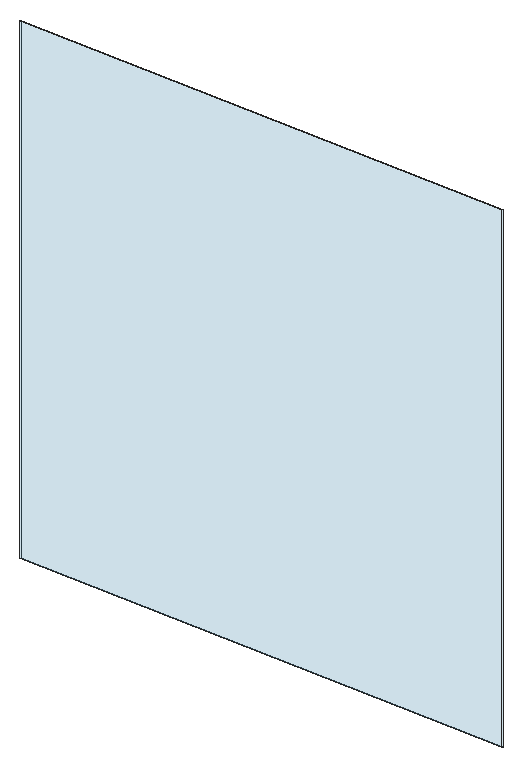
Revit family
Parameters (values of type "72" x 72"")
  Sealant = 0' - 0 3/8"
  Pocket Depth [instance] = 0' - 0 1/2"
  Head Height = Sill Height + Rough Height - Sealant  # 8' - 11 5/8"
  Depth [instance] = 0' - 7"
  Sill Height = 3' - 0"
  Rough Width = 6' - 0"
  Rough Height = 6' - 0"
  Model = "OPG17-1800"
  Material = ""
  Manufacturer = "Arcadia"
  Sightline = 0' - 2 5/8"
  Height = Rough Height - Sealant - Sealant  # 5' - 11 1/4"
  Wall Closure = (empty or 0)
  Width = Rough Height - Sealant - Sealant  # 5' - 11 1/4"
  Glass Thickness [instance] = 0' - 0 1/4"
  Offset to Inside Face of Glass [instance] = 0' - 6 1/16"
  Construction Type = "Aluminum"
  Center of Rough Opening [instance] = Rough Width / 2  # 3' - 0"
  Center of Glass [instance] = Glass Thickness / 2  # 0' - 0 1/8"
  Center Wall to Outside Face [instance] = 0' - 2 7/8"
  Assembly Code = ""
Reference planes (in)
  plane 1 "Center (Front/Back)": y = 0
  plane 2: z = 0
  plane 3 "Center (Left/Right)": x = 12
  plane 4 "Rough Opening Bottom": z = 36
  plane 5 "Rough Opening Top": z = 108
  plane 6 "Exterior Face": y = 5.75
  plane 7 "Frame Top": z = 105.375
  plane 8 "Frame Bottom": z = 38.625
  plane 9 "Rough Opening Left": x = -24
  plane 10 "Rough Opening Right": x = 48
  plane 11 "Frame Left": x = -21.375
  plane 12 "Frame Right": x = 45.375
  plane 13 "Exterior Glass Edge": y = 4.73644
  plane 14 "Interior Glass Edge": y = 4.48644
  plane 15 "Glass Centerline": y = 4.61144
  plane 16 "Frame Outside": y = 5.42394
  plane 17 "Frame Inside": y = -1.57606
  plane 18: z = 105.875
  plane 19: z = 38.125
  plane 20: x = 45.875
  plane 21: x = -21.875
  plane 22: x = 47.625
  plane 23: x = -23.625
  plane 24: z = 107.625
  plane 25: z = 36.375
Forms (in)
  Extrusion 1, solid, material "Anodize Arcadia AC2 Clear #11", detail levels coarse
    sketch origin (0, 0, 36) x (0, -1, 0) y (1, 0, 0)
      loop
        line (-5.42394, -24) -> (1.57606, -24) -> (1.57606, -21.375) -> (-4.48644, -21.375) -> (-4.48644, -21.875) -> (-4.73644, -21.875) -> (-4.73644, -21.375) -> (-5.42394, -21.375) -> (-5.42394, -24)
    from 0 to 72 <- "Rough Height"
  Extrusion 2, solid, material "Anodize Arcadia AC2 Clear #11", detail levels coarse
    sketch origin (0, 0, 36) x (0, -1, 0) y (1, 0, 0)
      loop
        line (-5.42394, 45.375) -> (-4.73644, 45.375) -> (-4.73644, 45.875) -> (-4.48644, 45.875) -> (-4.48644, 45.375) -> (1.57606, 45.375) -> (1.57606, 48) -> (-5.42394, 48) -> (-5.42394, 45.375)
    from 0 to 72 <- "Rough Height"
  Extrusion 3, solid, material "Glass"
    sketch origin (-0.5, 0, 36) x (0, -1, 0) y (1, 0, 0)
      loop
        line (-4.73644, -21.375) -> (-4.48644, -21.375) -> (-4.48644, 46.375) -> (-4.73644, 46.375) -> (-4.73644, -21.375)
    from 2.125 to 69.875
  Extrusion 4, solid, material "Anodize Arcadia AC2 Clear #11", detail levels coarse
    sketch origin (-24, 0, 0) x (0, 1, 0) y (0, 0, 1)
      loop
        line (-1.57606, 108) -> (-1.57606, 105.375) -> (4.48644, 105.375) -> (4.48644, 105.875) -> (4.73644, 105.875) -> (4.73644, 105.375) -> (5.42394, 105.375) -> (5.42394, 108) -> (-1.57606, 108)
    from 0 to 72 <- "Rough Width"
  Extrusion 5, solid, material "Anodize Arcadia AC2 Clear #11", detail levels coarse
    sketch origin (-24, 0, 0) x (0, 1, 0) y (0, 0, 1)
      loop
        line (5.42394, 38.625) -> (4.73644, 38.625) -> (4.73644, 38.125) -> (4.48644, 38.125) -> (4.48644, 38.625) -> (-1.57606, 38.625) -> (-1.57606, 36) -> (5.42394, 36) -> (5.42394, 38.625)
    from 0 to 72 <- "Rough Width"
  Extrusion 6, void
    sketch origin (0, 0, 36) x (0, -1, 0) y (1, 0, 0)
      loop
        line (-5.75, -24) -> (2.25, -24) -> (2.25, 48) -> (-5.75, 48) -> (-5.75, -24)
    from 0 to 72 <- "Rough Height"
Lines and regions (in)
  symbolic lines, detail levels coarse
    curve 1: line (-24, 5.42394, 0) -> (-21.375, 5.42394, 0)
    curve 2: line (-21.375, 5.42394, 0) -> (-21.375, 4.73644, 0)
    curve 3: line (45.875, 4.73644, 0) -> (-21.875, 4.73644, 0)
    curve 4: line (-21.875, 4.73644, 0) -> (-21.875, 4.48644, 0)
    curve 5: line (-21.875, 4.48644, 0) -> (45.875, 4.48644, 0)
    curve 6: line (-21.375, 4.48644, 0) -> (-21.375, -1.57606, 0)
    curve 7: line (-21.375, -1.57606, 0) -> (-24, -1.57606, 0)
    curve 8: line (-24, -1.57606, 0) -> (-24, 5.42394, 0)
    curve 9: line (48, 5.42394, 0) -> (45.375, 5.42394, 0)
    curve 10: line (45.375, 5.42394, 0) -> (45.375, 4.73644, 0)
    curve 11: line (45.875, 4.73644, 0) -> (45.875, 4.48644, 0)
    curve 12: line (45.375, 4.48644, 0) -> (45.375, -1.57606, 0)
    curve 13: line (45.375, -1.57606, 0) -> (48, -1.57606, 0)
    curve 14: line (48, -1.57606, 0) -> (48, 5.42394, 0)
Text (in)
  text "EXTERIOR" at (-58.6888, 50.90694, 0), in view "Ref. Level"
  text "INTERIOR" at (-58.6888, -37.76638, 0), in view "Ref. Level"
  text "Exterior" at (0, 43.65631, 123.19604), in view "Left"
  text "Exterior" at (0, 18.29385, 125.04747), in view "Right"
Dimensions and locks (in)
  "Rough Height": plane 4 "Rough Opening Bottom" to plane 5 "Rough Opening Top"
  "Sill Height": plane 2 to plane 4 "Rough Opening Bottom"
  "Sightline": plane 7 "Frame Top" to plane 5 "Rough Opening Top"
  "Sightline": plane 4 "Rough Opening Bottom" to plane 8 "Frame Bottom"
  "Rough Width": plane 9 "Rough Opening Left" to plane 10 "Rough Opening Right"
  "Sightline": plane 9 "Rough Opening Left" to plane 11 "Frame Left"
  "Sightline": plane 12 "Frame Right" to plane 10 "Rough Opening Right"
  "Depth": plane 17 "Frame Inside" to plane 16 "Frame Outside"
  "Glass Thickness": plane 13 "Exterior Glass Edge" to plane 14 "Interior Glass Edge"
  "Center of Glass": plane 15 "Glass Centerline" to plane 14 "Interior Glass Edge"
  "Center of Rough Opening": plane 9 "Rough Opening Left" to plane 3 "Center (Left/Right)"
  "Offset to Inside Face of Glass": plane 17 "Frame Inside" to plane 14 "Interior Glass Edge"
  "Pocket Depth": plane 12 "Frame Right" to plane 20
  "Pocket Depth": plane 21 to plane 11 "Frame Left"
  "Pocket Depth": plane 7 "Frame Top" to plane 18
  "Pocket Depth": plane 19 to plane 8 "Frame Bottom"
  "Sealant": plane 9 "Rough Opening Left" to plane 23
  "Sealant": plane 22 to plane 10 "Rough Opening Right"
  "Sealant": plane 24 to plane 5 "Rough Opening Top"
  "Sealant": plane 4 "Rough Opening Bottom" to plane 25
  aligned and locked: plane 6 "Exterior Face" to host wall
  aligned and locked: Extrusion 1 sketch curve to plane 17 "Frame Inside"
  aligned and locked: plane 16 "Frame Outside" to Extrusion 1 sketch curve
  aligned and locked: Extrusion 1 sketch curve to plane 11 "Frame Left"
  aligned and locked: plane 9 "Rough Opening Left" to Extrusion 1 sketch curve
  aligned and locked: plane 12 "Frame Right" to Extrusion 2 sketch curve
  aligned and locked: Extrusion 2 sketch curve to plane 10 "Rough Opening Right"
  aligned and locked: Extrusion 2 sketch curve to plane 17 "Frame Inside"
  aligned and locked: plane 16 "Frame Outside" to Extrusion 2 sketch curve
  aligned and locked: Extrusion 3 sketch curve to plane 13 "Exterior Glass Edge"
  aligned and locked: plane 14 "Interior Glass Edge" to Extrusion 3 sketch curve
  aligned and locked: plane 5 "Rough Opening Top" to Extrusion 4 sketch curve
  aligned and locked: Extrusion 4 sketch curve to plane 7 "Frame Top"
  aligned and locked: Extrusion 4 sketch curve to plane 17 "Frame Inside"
  aligned and locked: plane 16 "Frame Outside" to Extrusion 4 sketch curve
  aligned and locked: Extrusion 5 sketch curve to plane 4 "Rough Opening Bottom"
  aligned and locked: plane 8 "Frame Bottom" to Extrusion 5 sketch curve
  aligned and locked: Extrusion 5 sketch curve to plane 17 "Frame Inside"
  aligned and locked: plane 16 "Frame Outside" to Extrusion 5 sketch curve
  aligned and locked: plane 4 "Rough Opening Bottom" to nested 3
  aligned and locked: nested 2 to plane 5 "Rough Opening Top"
  aligned and locked: plane 19 to Extrusion 3
  aligned and locked: Extrusion 3 to plane 18
  aligned and locked: plane 17 "Frame Inside" to nested 3
  aligned and locked: plane 17 "Frame Inside" to nested 2
  aligned and locked: nested 1 to plane 16 "Frame Outside"
  aligned and locked: plane 10 "Rough Opening Right" to nested 1
  aligned and locked: nested 4 to plane 9 "Rough Opening Left"
  aligned and locked: plane 17 "Frame Inside" to nested 4
  aligned and locked: plane 13 "Exterior Glass Edge" to Extrusion 5 sketch curve
  aligned and locked: Extrusion 5 sketch curve to plane 14 "Interior Glass Edge"
  aligned and locked: plane 19 to Extrusion 5 sketch curve
  aligned and locked: Extrusion 4 sketch curve to plane 13 "Exterior Glass Edge"
  aligned and locked: plane 18 to Extrusion 4 sketch curve
  aligned and locked: plane 14 "Interior Glass Edge" to Extrusion 4 sketch curve
  aligned and locked: plane 14 "Interior Glass Edge" to Extrusion 2 sketch curve
  aligned and locked: Extrusion 2 sketch curve to plane 20
  aligned and locked: Extrusion 2 sketch curve to plane 13 "Exterior Glass Edge"
  aligned and locked: Extrusion 1 sketch curve to plane 14 "Interior Glass Edge"
  aligned and locked: Extrusion 1 sketch curve to plane 21
  aligned and locked: plane 13 "Exterior Glass Edge" to Extrusion 1 sketch curve
  aligned and locked: plane 16 "Frame Outside" to curve 1
  aligned and locked: plane 9 "Rough Opening Left" to curve 8
  aligned and locked: curve 2 to plane 11 "Frame Left"
  aligned and locked: curve 6 to plane 11 "Frame Left"
  aligned and locked: curve 4 to plane 21
  aligned and locked: curve 7 to plane 17 "Frame Inside"
  aligned and locked: curve 5 to plane 14 "Interior Glass Edge"
  aligned and locked: plane 13 "Exterior Glass Edge" to curve 3
  aligned and locked: curve 10 to plane 12 "Frame Right"
  aligned and locked: curve 12 to plane 12 "Frame Right"
  aligned and locked: curve 11 to plane 20
  aligned and locked: plane 10 "Rough Opening Right" to curve 14
  aligned and locked: curve 9 to plane 16 "Frame Outside"
  aligned and locked: plane 17 "Frame Inside" to curve 13
  aligned and locked: plane 9 "Rough Opening Left" to import instance
  aligned and locked: plane 17 "Frame Inside" to import instance
  aligned and locked: plane 10 "Rough Opening Right" to import instance
  aligned and locked: plane 16 "Frame Outside" to import instance
  aligned and locked: import instance to plane 17 "Frame Inside"
  aligned and locked: plane 5 "Rough Opening Top" to import instance
  aligned and locked: import instance to plane 16 "Frame Outside"
  aligned and locked: import instance to plane 4 "Rough Opening Bottom"
  aligned and locked: level to plane 2
  aligned and locked: plane 9 "Rough Opening Left" to Extrusion 6 sketch curve
  aligned and locked: plane 6 "Exterior Face" to Extrusion 6 sketch curve
  aligned and locked: host wall to Extrusion 6 sketch curve
  aligned and locked: plane 10 "Rough Opening Right" to Extrusion 6 sketch curve
Automatic sketch dimensions
  Extrusion 3 sketch curve to plane 21 = 0' - 0"
  Extrusion 3 sketch curve to plane 20 = 0' - 0"
  Extrusion 5 sketch curve to plane 8 "Frame Bottom" = 0' - 0"
  Extrusion 4 sketch curve to plane 7 "Frame Top" = 0' - 0"
  Extrusion 2 sketch curve to plane 12 "Frame Right" = 0' - 0"
  Extrusion 1 sketch curve to plane 11 "Frame Left" = 0' - 0"
Nested families (in)
  nested 1: "Window-Arcadia-OPG17-1800-Med-Jamb-R" at (46.9375, 4.61144, 0) x (-1, 0, 0) z (0, 0, 1), type "Window-Arcadia-OPG17-1800-Med-Jamb-R", detail levels medium
    with Sightline 0' - 2 5/8", Pocket Depth 0' - 0 1/2", Offset to Inside Face of Glass 0' - 6 1/16", Glass Width 0' - 0 1/4", Frame Wall Thickness 0' - 0 3/32", Depth 0' - 7", Center of Glass 0' - 0 1/8"
  nested 2: "Window-Arcadia-OPG17-1800-Med-Head" at (33.875, 4.61144, 108) x (0, -1, 0) z (1, 0, 0), type "Window-Arcadia-OPG17-1800-Med-Head", detail levels medium
    with Sightline 0' - 2 5/8", Pocket Depth 0' - 0 1/2", Offset to Inside Face of Glass 0' - 6 1/16", Glass Width 0' - 0 1/4", Frame Wall Thickness 0' - 0 3/32", Depth 0' - 7", Center of Glass 0' - 0 1/8"
  nested 3: "Window-Arcadia-OPG17-1800-Med-Sill" at (33.875, 4.61144, 36) x (0, -1, 0) z (1, 0, 0), type "Window-Arcadia-OPG17-1800-Med-Sill", detail levels medium
    with Sightline 0' - 2 5/8", Pocket Depth 0' - 0 1/2", Offset to Inside Face of Glass 0' - 6 1/16", Glass Width 0' - 0 1/4", Frame Wall Thickness 0' - 0 3/32", Depth 0' - 7", Center of Glass 0' - 0 1/8"
  nested 4: "Window-Arcadia-OPG17-1800-Med-Jamb-L" at (-22.9375, 4.61144, 0) x (-1, 0, 0) z (0, 0, 1), type "Window-Arcadia-OPG17-1800-Med-Jamb-L", detail levels medium
    with Sightline 0' - 2 5/8", Pocket Depth 0' - 0 1/2", Offset to Inside Face of Glass 0' - 6 1/16", Glass Width 0' - 0 1/4", Frame Wall Thickness 0' - 0 3/32", Depth 0' - 7", Center of Glass 0' - 0 1/8"
Definition of nested family "Window-Arcadia-OPG17-1800-Med-Jamb-R"
  Parameters (values of type "Window-Arcadia-TC670-Med-Jamb-R")
    Depth [instance] = 0' - 6"
    Pocket Depth [instance] = 0' - 0 3/4"
    Offset to Inside Face of Glass [instance] = 0' - 4"
    Glass Width [instance] = 0' - 1"
    Sightline [instance] = 0' - 2 5/8"
    Center of Glass [instance] = Glass Width / 2  # 0' - 0 1/2"
    Frame Wall Thickness [instance] = 0' - 0 3/32"
    Assembly Code = ""
  Reference planes (in)
    plane 1 "Center (Front/Back)": y = 0
    plane 2: z = 0
    plane 3: x = 1.5625
    plane 4 "back": x = -1.0625
    plane 5: y = 4.5
    plane 6: y = -1.5
    plane 7 "Inside Face of Glass": y = 0.5
    plane 8: y = -0.5
    plane 9: x = 0.8125
  Lines and regions (in)
    detail lines, in view "Ref. Level", detail levels medium
      curve 1: line (-1.0625, 4.5, 0) -> (-1.0625, -1.5, 0)
      curve 2: line (-1.0625, -1.5, 0) -> (1.5625, -1.5, 0)
      curve 3: line (1.5625, -1.5, 0) -> (1.5625, -0.5, 0)
      curve 4: line (1.5625, -0.5, 0) -> (0.8125, -0.5, 0)
      curve 5: line (0.8125, -0.5, 0) -> (0.8125, 0.5, 0)
      curve 6: line (0.8125, 0.5, 0) -> (1.5625, 0.5, 0)
      curve 7: line (1.5625, 0.5, 0) -> (1.5625, 4.5, 0)
      curve 8: line (1.5625, 4.5, 0) -> (-1.0625, 4.5, 0)
      curve 9: line (1.46875, 4.40625, 0) -> (-0.96875, 4.40625, 0)
      curve 10: line (-0.96875, 4.40625, 0) -> (-0.96875, -1.40625, 0)
      curve 11: line (-0.96875, -1.40625, 0) -> (1.46875, -1.40625, 0)
      curve 12: line (1.46875, -1.40625, 0) -> (1.46875, -0.59375, 0)
      curve 13: line (1.46875, -0.59375, 0) -> (0.71875, -0.59375, 0)
      curve 14: line (0.71875, -0.59375, 0) -> (0.71875, 0.59375, 0)
      curve 15: line (0.71875, 0.59375, 0) -> (1.46875, 0.59375, 0)
      curve 16: line (1.46875, 0.59375, 0) -> (1.46875, 4.40625, 0)
      curve 17: line (1.5625, 4.5, 0) -> (-1.0625, 4.5, 0)
      curve 18: line (-1.0625, 4.40625, 0) -> (-1.0625, -1.5, 0)
  Dimensions and locks (in)
    "Sightline": plane 4 "back" to plane 3
    "Depth": plane 5 to plane 6
    "Center of Glass": plane 1 "Center (Front/Back)" to plane 7 "Inside Face of Glass"
    "Glass Width": plane 8 to plane 7 "Inside Face of Glass"
    "Pocket Depth": plane 9 to plane 3
    "Offset to Inside Face of Glass": plane 5 to plane 7 "Inside Face of Glass"
    "Frame Wall Thickness": plane 5 to curve 9
    "Frame Wall Thickness": plane 4 "back" to curve 10
    "Frame Wall Thickness": curve 11 to plane 6
    "Frame Wall Thickness": curve 12 to plane 3
    "Frame Wall Thickness": curve 13 to plane 8
    "Frame Wall Thickness": plane 7 "Inside Face of Glass" to curve 15
    "Frame Wall Thickness": curve 14 to plane 9
    "Frame Wall Thickness": curve 16 to plane 3
    aligned and locked: plane 5 to curve 8
    aligned and locked: curve 1 to plane 4 "back"
    aligned and locked: curve 2 to plane 6
    aligned and locked: plane 3 to curve 3
    aligned and locked: curve 4 to plane 8
    aligned and locked: plane 9 to curve 5
    aligned and locked: plane 7 "Inside Face of Glass" to curve 6
    aligned and locked: plane 3 to curve 7
  Automatic sketch dimensions
    curve 18 to curve 9 = 0' - 0"
Definition of nested family "Window-Arcadia-OPG17-1800-Med-Head"
  Parameters (values of type "Window-Arcadia-A400-Med-Head")
    Depth [instance] = 0' - 6"
    Pocket Depth [instance] = 0' - 0 1/2"
    Offset to Inside Face of Glass [instance] = 0' - 4"
    Glass Width [instance] = 0' - 1"
    Sightline [instance] = 0' - 2 5/8"
    Center of Glass [instance] = Glass Width / 2  # 0' - 0 1/2"
    Frame Wall Thickness [instance] = 0' - 0 3/32"
    Assembly Code = ""
  Reference planes (in)
    plane 1 "Center (Front/Back)": y = 0
    plane 2: z = 0
    plane 3 "Center (Left/Right)": x = 0
    plane 4: x = -0.5
    plane 5 "Inside Face of Glass": x = 0.5
    plane 6: y = -2.625
    plane 7: x = 4.5
    plane 8: x = -1.5
    plane 9: y = -2.125
  Lines and regions (in)
    detail lines, in view "Ref. Level", detail levels medium
      curve 1: line (-1.5, 0, 0) -> (-1.5, -2.625, 0)
      curve 2: line (-1.5, -2.625, 0) -> (-0.5, -2.625, 0)
      curve 3: line (-0.5, -2.625, 0) -> (-0.5, -2.125, 0)
      curve 4: line (-0.5, -2.125, 0) -> (0.5, -2.125, 0)
      curve 5: line (0.5, -2.125, 0) -> (0.5, -2.625, 0)
      curve 6: line (0.5, -2.625, 0) -> (4.5, -2.625, 0)
      curve 7: line (4.5, -2.625, 0) -> (4.5, 0, 0)
      curve 8: line (4.5, 0, 0) -> (-1.5, 0, 0)
      curve 9: line (-1.40625, -0.09375, 0) -> (-1.40625, -2.53125, 0)
      curve 10: line (4.40625, -0.09375, 0) -> (-1.40625, -0.09375, 0)
      curve 11: line (4.40625, -2.53125, 0) -> (4.40625, -0.09375, 0)
      curve 12: line (0.59375, -2.53125, 0) -> (4.40625, -2.53125, 0)
      curve 13: line (-1.40625, -2.53125, 0) -> (-0.59375, -2.53125, 0)
      curve 14: line (-0.59375, -2.53125, 0) -> (-0.59375, -2.03125, 0)
      curve 15: line (-0.59375, -2.03125, 0) -> (0.59375, -2.03125, 0)
      curve 16: line (0.59375, -2.03125, 0) -> (0.59375, -2.53125, 0)
  Dimensions and locks (in)
    "Sightline": plane 6 to plane 1 "Center (Front/Back)"
    "Depth": plane 8 to plane 7
    "Pocket Depth": plane 6 to plane 9
    "Offset to Inside Face of Glass": plane 5 "Inside Face of Glass" to plane 7
    "Glass Width": plane 4 to plane 5 "Inside Face of Glass"
    "Center of Glass": plane 3 "Center (Left/Right)" to plane 5 "Inside Face of Glass"
    "Frame Wall Thickness": plane 8 to curve 9
    "Frame Wall Thickness": curve 10 to plane 1 "Center (Front/Back)"
    "Frame Wall Thickness": curve 11 to plane 7
    "Frame Wall Thickness": plane 6 to curve 12
    "Frame Wall Thickness": plane 6 to curve 13
    "Frame Wall Thickness": plane 9 to curve 15
    "Frame Wall Thickness": plane 5 "Inside Face of Glass" to curve 16
    "Frame Wall Thickness": curve 14 to plane 4
    aligned and locked: curve 8 to plane 1 "Center (Front/Back)"
    aligned and locked: plane 7 to curve 7
    aligned and locked: curve 1 to plane 8
    aligned and locked: plane 9 to curve 4
    aligned and locked: plane 4 to curve 3
    aligned and locked: plane 6 to curve 2
    aligned and locked: plane 6 to curve 6
  Automatic sketch dimensions
    curve 5 to plane 5 "Inside Face of Glass" = 0' - 0"
Definition of nested family "Window-Arcadia-OPG17-1800-Med-Sill"
  Parameters (values of type "Window-Arcadia-A400-Med-Sill")
    Depth [instance] = 0' - 6"
    Pocket Depth [instance] = 0' - 0 1/2"
    Offset to Inside Face of Glass [instance] = 0' - 4"
    Glass Width [instance] = 0' - 1"
    Sightline [instance] = 0' - 2 5/8"
    Center of Glass [instance] = Glass Width / 2  # 0' - 0 1/2"
    Frame Wall Thickness [instance] = 0' - 0 3/32"
    Assembly Code = ""
  Reference planes (in)
    plane 1 "Center (Front/Back)": y = 0
    plane 2: z = 0
    plane 3 "Center (Left/Right)": x = 0
    plane 4: x = -0.5
    plane 5 "Inside Face of Glass": x = 0.5
    plane 6: y = 2.625
    plane 7: x = 4.5
    plane 8: x = -1.5
    plane 9: y = 2.125
  Lines and regions (in)
    detail lines, in view "Ref. Level", detail levels medium
      curve 1: line (-1.5, 2.625, 0) -> (-1.5, 0, 0)
      curve 2: line (-1.5, 0, 0) -> (4.5, 0, 0)
      curve 3: line (4.5, 0, 0) -> (4.5, 2.625, 0)
      curve 4: line (4.5, 2.625, 0) -> (0.5, 2.625, 0)
      curve 5: line (0.5, 2.625, 0) -> (0.5, 2.125, 0)
      curve 6: line (0.5, 2.125, 0) -> (-0.5, 2.125, 0)
      curve 7: line (-0.5, 2.125, 0) -> (-0.5, 2.625, 0)
      curve 8: line (-0.5, 2.625, 0) -> (-1.5, 2.625, 0)
      curve 9: line (-0.59375, 2.53125, 0) -> (-1.40625, 2.53125, 0)
      curve 10: line (-1.40625, 2.53125, 0) -> (-1.40625, 0.09375, 0)
      curve 11: line (-1.40625, 0.09375, 0) -> (4.40625, 0.09375, 0)
      curve 12: line (4.40625, 0.09375, 0) -> (4.40625, 2.53125, 0)
      curve 13: line (4.40625, 2.53125, 0) -> (0.59375, 2.53125, 0)
      curve 14: line (0.59375, 2.53125, 0) -> (0.59375, 2.03125, 0)
      curve 15: line (0.59375, 2.03125, 0) -> (-0.59375, 2.03125, 0)
      curve 16: line (-0.59375, 2.03125, 0) -> (-0.59375, 2.53125, 0)
  Dimensions and locks (in)
    "Pocket Depth": plane 9 to plane 6
    "Sightline": plane 1 "Center (Front/Back)" to plane 6
    "Depth": plane 8 to plane 7
    "Offset to Inside Face of Glass": plane 5 "Inside Face of Glass" to plane 7
    "Glass Width": plane 4 to plane 5 "Inside Face of Glass"
    "Center of Glass": plane 3 "Center (Left/Right)" to plane 5 "Inside Face of Glass"
    "Frame Wall Thickness": curve 9 to plane 6
    "Frame Wall Thickness": plane 8 to curve 10
    "Frame Wall Thickness": plane 1 "Center (Front/Back)" to curve 11
    "Frame Wall Thickness": curve 12 to plane 7
    "Frame Wall Thickness": curve 13 to plane 6
    "Frame Wall Thickness": plane 5 "Inside Face of Glass" to curve 14
    "Frame Wall Thickness": curve 15 to plane 9
    "Frame Wall Thickness": curve 16 to plane 4
    aligned and locked: plane 1 "Center (Front/Back)" to curve 2
    aligned and locked: plane 7 to curve 3
    aligned and locked: curve 1 to plane 8
    aligned and locked: curve 8 to plane 6
    aligned and locked: curve 4 to plane 6
    aligned and locked: curve 6 to plane 9
    aligned and locked: curve 5 to plane 5 "Inside Face of Glass"
    aligned and locked: plane 4 to curve 7
  Automatic sketch dimensions
    curve 7 to plane 9 = 0' - 0"
Definition of nested family "Window-Arcadia-OPG17-1800-Med-Jamb-L"
  Parameters (values of type "Window-Arcadia-TC670-Med-Jamb-L")
    Depth [instance] = 0' - 6"
    Pocket Depth [instance] = 0' - 0 1/2"
    Offset to Inside Face of Glass [instance] = 0' - 4"
    Glass Width [instance] = 0' - 1"
    Sightline [instance] = 0' - 2 1/8"
    Center of Glass [instance] = Glass Width / 2  # 0' - 0 1/2"
    Frame Wall Thickness [instance] = 0' - 0 3/32"
    Assembly Code = ""
  Reference planes (in)
    plane 1 "Center (Front/Back)": y = 0
    plane 2: z = 0
    plane 3 "BACK": x = 1.0625
    plane 4 "FRONT": x = -1.0625
    plane 5: y = 1.5
    plane 6: y = -4.5
    plane 7 "Inside Face of Glass": y = 0.5
    plane 8: y = -0.5
    plane 9: x = -0.5625
  Lines and regions (in)
    detail lines, in view "Ref. Level", detail levels medium
      curve 1: line (1.0625, 1.5, 0) -> (1.0625, -4.5, 0)
      curve 2: line (1.0625, -4.5, 0) -> (-1.0625, -4.5, 0)
      curve 3: line (-1.0625, -4.5, 0) -> (-1.0625, -0.5, 0)
      curve 4: line (-1.0625, -0.5, 0) -> (-0.5625, -0.5, 0)
      curve 5: line (-0.5625, -0.5, 0) -> (-0.5625, 0.5, 0)
      curve 6: line (-0.5625, 0.5, 0) -> (-1.0625, 0.5, 0)
      curve 7: line (-1.0625, 0.5, 0) -> (-1.0625, 1.5, 0)
      curve 8: line (-1.0625, 1.5, 0) -> (1.0625, 1.5, 0)
      curve 9: line (-0.96875, 1.40625, 0) -> (0.96875, 1.40625, 0)
      curve 10: line (-0.96875, 0.59375, 0) -> (-0.96875, 1.40625, 0)
      curve 11: line (-0.46875, 0.59375, 0) -> (-0.96875, 0.59375, 0)
      curve 12: line (-0.46875, -0.59375, 0) -> (-0.46875, 0.59375, 0)
      curve 13: line (-0.96875, -0.59375, 0) -> (-0.46875, -0.59375, 0)
      curve 14: line (-0.96875, -4.40625, 0) -> (-0.96875, -0.59375, 0)
      curve 15: line (0.96875, -4.40625, 0) -> (-0.96875, -4.40625, 0)
      curve 16: line (0.96875, 1.40625, 0) -> (0.96875, -4.40625, 0)
  Dimensions and locks (in)
    "Depth": plane 5 to plane 6
    "Pocket Depth": plane 4 "FRONT" to plane 9
    "Sightline": plane 4 "FRONT" to plane 3 "BACK"
    "Glass Width": plane 8 to plane 7 "Inside Face of Glass"
    "Center of Glass": plane 1 "Center (Front/Back)" to plane 7 "Inside Face of Glass"
    "Frame Wall Thickness": plane 4 "FRONT" to curve 10
    "Frame Wall Thickness": plane 5 to curve 9
    "Frame Wall Thickness": curve 15 to plane 6
    "Frame Wall Thickness": curve 13 to plane 8
    "Frame Wall Thickness": plane 9 to curve 12
    "Frame Wall Thickness": plane 7 "Inside Face of Glass" to curve 11
    "Frame Wall Thickness": plane 4 "FRONT" to curve 14
    "Offset to Inside Face of Glass": plane 6 to plane 8
    aligned and locked: curve 8 to plane 5
    aligned and locked: curve 1 to plane 3 "BACK"
    aligned and locked: plane 6 to curve 2
    aligned and locked: curve 3 to plane 4 "FRONT"
    aligned and locked: plane 8 to curve 4
    aligned and locked: plane 9 to curve 5
    aligned and locked: curve 6 to plane 7 "Inside Face of Glass"
    aligned and locked: plane 4 "FRONT" to curve 7
  Automatic sketch dimensions
    curve 16 to plane 3 "BACK" = 0' - 0 3/32"
